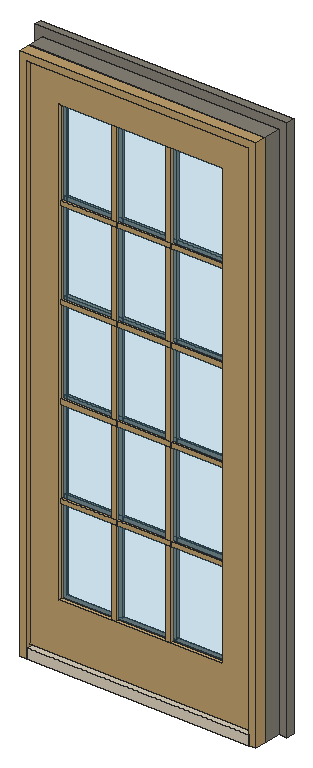
Revit family (continued)
Definition of nested family "Door_Plan_Detail"
  Definition of nested family "Panel_Swing_Detail"
    Parameters (values of type "Door_Plan_Detail")
      Swing Visibility [instance] = not(Swing Angle = 0.00°)  # yes
      Swing Constraint [instance] = if(Swing Angle = 0.00°, 1.00°, Swing Angle)  # 45.00°
      Swing Angle = 45.00°
      Panel Width = 2' - 11 1/16"
      Mtg Stile [instance] = yes
      Assembly Code = ""
    Reference planes (in)
      plane 1: z = 0
      plane 2: y = 0.09375
      plane 3: x = -19.125
      plane 4: x = -54.1875
    Lines and regions (in)
      reference lines, in view "Ref. Level"
        curve 1: line (-19.125, 0.09375, 0) -> (-43.91793, 24.88668, 0)
      detail lines, in view "Ref. Level"
        curve 2: arc (-43.91793, 24.88668, 0) -> (-51.52869, 13.48702, 0) -> (-54.18746, 0.04057, 0) r 35.0625
    Dimensions and locks (in)
      "Panel Width": curve 1 to curve 1
      "Panel Width": plane 4 to plane 3
      "Swing Angle": angle nested 1 to plane 2
      "Swing Constraint": angle curve 1 to plane 2
      aligned and locked: plane 2 to curve 1
      aligned and locked: plane 3 to curve 1
      aligned and locked: curve 1 to curve 2
    Automatic sketch dimensions
      curve 2 to plane 4 = 0' - 0.00004"
      curve 2 to plane 3 = 0' - 0"
      curve 2 to plane 2 = 0' - 0"
      plane 2 to curve 2 = 0' - 0.05318"
    Nested families (in)
      nested 1: "Panel_Detail" at (-19.125, 0.09375, 0) x (0.7071, -0.7071, 0) z (0, 0, 1), Mtg Stile <- "Mtg Stile", type "Panel_Detail", in view "Ref. Level"
    Definition of nested family "Panel_Detail"
      Parameters (values of type "Panel_Detail")
        Panel Width = 2' - 11 1/16"
        Mtg Stile [instance] = yes
        Assembly Code = ""
      Reference planes (in)
        plane 1 "Center (Front/Back)": y = 0
        plane 2: z = 0
        plane 3 "Right": x = 0
        plane 4 "Left": x = -35.0625
      Lines and regions (in)
        Masking region 1, in view "Ref. Level", detail levels coarse+medium
          outline origin (0, 0, 0) x (1, 0, 0) y (0, 1, 0)
            loop
              line (-35.0625, 0) -> (-35.0625, -1.75) -> (0, -1.75) -> (0, 0) -> (-35.0625, 0)
        detail lines, style "Cut Lines", in view "Ref. Level", detail levels fine
          curve 1: line (-30.97475, -1.26859, 0) -> (-4.08775, -1.26859, 0)
          curve 2: line (-30.97475, -1.14359, 0) -> (-4.08775, -1.14359, 0)
          curve 3: line (-30.97475, -0.64359, 0) -> (-4.08775, -0.64359, 0)
          curve 4: line (-30.97475, -0.51859, 0) -> (-4.08775, -0.51859, 0)
      Dimensions and locks (in)
        "Panel Width": plane 4 "Left" to plane 3 "Right"
        locked: Masking region 1 sketch curve to plane 1 "Center (Front/Back)" at 1.75
        locked: nested 1 to plane 1 "Center (Front/Back)" at 1.75
        locked: nested 3 to plane 1 "Center (Front/Back)" at 1.75
        locked: nested 2 to plane 1 "Center (Front/Back)" at 1.75
        aligned and locked: plane 1 "Center (Front/Back)" to Masking region 1 sketch curve
        aligned and locked: Masking region 1 sketch curve to plane 4 "Left"
        aligned and locked: Masking region 1 sketch curve to plane 3 "Right"
        aligned and locked: plane 4 "Left" to nested 1
        aligned and locked: nested 2 to plane 3 "Right"
        aligned and locked: plane 4 "Left" to nested 3
      Automatic sketch dimensions
        plane 1 "Center (Front/Back)" to curve 4 = 0' - 0.51859"
        curve 4 to plane 4 "Left" = 0' - 4.08775"
        curve 2 to curve 4 = 0' - 0"
        curve 3 to curve 4 = 0' - 0"
        curve 1 to curve 2 = 0' - 0"  (x2)
        plane 1 "Center (Front/Back)" to curve 3 = 0' - 0.64359"
        curve 3 to plane 3 "Right" = 0' - 4.08775"
        curve 2 to curve 3 = 0' - 0"
        curve 4 to curve 3 = 0' - 0"
        curve 2 to curve 3 = 0' - 0 1/2"
        curve 1 to curve 2 = 0' - 0 1/8"
      Nested families (in)
        nested 1: "Mtg_Stile_Detail" at (-35.0625, -1.75, 0), visible <- "Mtg Stile", type "Stile_Detail", in view "Ref. Level", detail levels fine
        nested 2: "Stile_Detail" at (0, -1.75, 0), type "Stile_Detail", in view "Ref. Level", detail levels fine
        nested 3: "Stile_Detail" at (-35.0625, -1.75, 0) x (-1, 0, 0) z (0, 0, 1), type "Stile_Detail", in view "Ref. Level", detail levels fine
      Definition of nested family "Mtg_Stile_Detail"
        Parameters (values of type "Stile_Detail")
          Assembly Code = ""
        Reference planes (in)
          plane 1 "Center (Front/Back)": y = 0
          plane 2: z = 0
          plane 3 "Center (Left/Right)": x = 0
        Lines and regions (in)
          Masking region 1, in view "Ref. Level"
            outline origin (0, 0, 0) x (0, 1, 0) y (-1, 0, 0)
              loop
                line (0, 0.71385) -> (0, -1.07915) -> (0.9773, -0.97643) -> (1.15549, -0.73983) -> (1.594, -0.62233) -> (1.594, 0.25704) -> (1.13979, 0.37874) -> (0.9637, 0.61256) -> (0, 0.71385)
      Definition of nested family "Stile_Detail"
        Parameters (values of type "Stile_Detail")
          Assembly Code = ""
        Reference planes (in)
          plane 1 "Center (Front/Back)": y = 0
          plane 2: z = 0
          plane 3 "Center (Left/Right)": x = 0
        Lines and regions (in)
          Masking region 1, in view "Ref. Level"
            outline origin (0, 0, 0) x (1, 0, 0) y (0, 1, 0)
              loop
                line (0, -1.75) -> (0, 0) -> (-4.54196, 0) -> (-4.54196, -0.17227) -> (-4.75, -0.38031) -> (-4.75, -0.4375) -> (-4.02516, -0.4375) -> (-4.02516, -1.26261) -> (-4.75, -1.26261) -> (-4.75, -1.40858) -> (-4.55291, -1.75) -> (0, -1.75)
          detail lines, style "Cut Lines", in view "Ref. Level"
            curve 1: line (-4.08775, -0.48141, 0) -> (-4.08775, -0.60641, 0)
            curve 2: line (-4.21275, -1.10641, 0) -> (-4.21275, -0.60641, 0)
            curve 3: line (-4.46275, -1.10641, 0) -> (-4.46275, -0.60641, 0)
            curve 4: line (-4.08775, -1.10641, 0) -> (-4.08775, -1.23141, 0)
